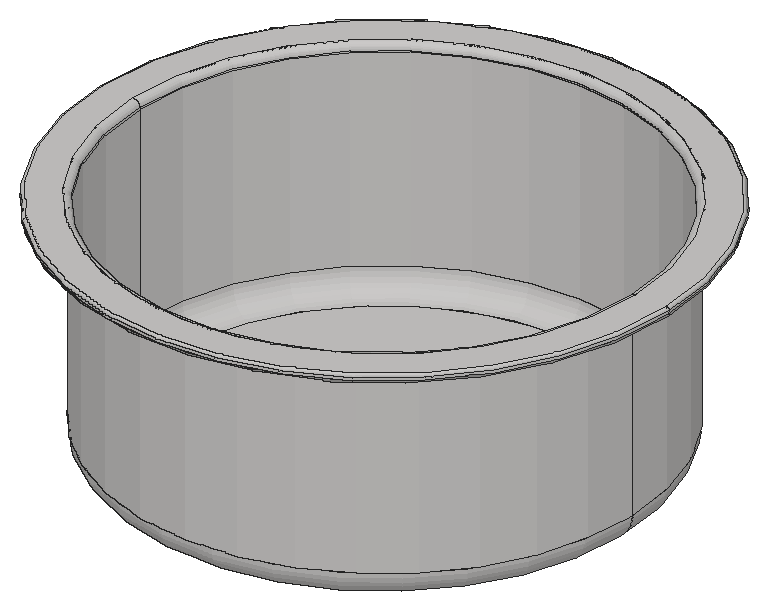
Revit family
Parameters (values of type "Ø 430 X Ø 370")
  Waste Connection Diameter = 90 mm
  Outer Radius Of Bowl = Outer Diameter Of Bowl / 2  # 215 mm
  Inner Radius Of Bowl = Inner Diameter Of Bowl / 2  # 185 mm
  Inner Diameter Of Bowl = 370 mm
  Waste Connection Radius = Waste Connection Diameter / 2  # 45 mm
  Waste Connection = 1 = 1  # yes
  WFU = 0
  Vent Connection = 1 = 0  # no
  URL = "http://www.autospec.co.za/browse.php?id=1937217986"
  Product Code = "SPB-STD"
  OmniClass Title = ""
  OmniClass Number = ""
  Modspec Classification = ""
  Specification = ""
  Material = Stainless Steel Grade 304
  Location (revit room) = ""
  Outer Diameter Of Bowl = 430 mm
  HW Connection = 1 = 0  # no
  Description = ""
  Depth Of Bowl = 170 mm
  Colour = none
  CW Connection = 1 = 0  # no
  Body Finish = none
  Model = "Drop-In Preparation Single Bowl SPB-STD"
  Manufacturer = "Kwikot"  # constant formula
  Assembly Code = "D2010410"
Reference planes
  plane 1 "Center (Front/Back)": y = 0
  plane 2 "Bottom": z = 0
  plane 3 "Center (Left/Right)": x = 0
  plane 4 "Top": z = 170
  plane 5: x = 215
  plane 6: x = -215
  plane 7: x = 185
  plane 8: x = -185
Forms (mm)
  Extrusion 1, solid, material "Stainless Steel Grade 304" <- "Material"
    sketch origin (-330.571, -1524, 170) x (-1, 0, 0) y (0, -1, 0)
      loop
        circle (-330.571, -1524) r 215
      loop
        circle (-330.571, -1524) r 185
    from 0 to -6
  Sweep 2, solid, material "Stainless Steel Grade 304" <- "Material"
    path origin (-330.571, -1524, 170) x (-1, 0, 0) y (0, -1, 0)
      loop
        circle (-330.571, -1524) r 185
    profile origin (0, -185, 170) x (0, -1, 0) y (0, 0, 1)
      loop
        line (0, -6) -> (0, -150.5)
        arc (0, -150.5) -> (-5.126, -162.874) -> (-17.5, -168) r 17.5
        line (-17.5, -168) -> (-140, -168) -> (-140, -170) -> (-17.5, -170)
        arc (-17.5, -170) -> (-3.358, -164.142) -> (2.5, -150) r 20
        line (2.5, -150) -> (2.5, -6) -> (0, -6)
  Blend 3, solid, material "Stainless Steel Grade 304" <- "Material"
    base sketch origin (0, 0, 0) x (1, 0, 0) y (0, 1, 0)
      loop
        circle (0, 0) r 45
    top sketch origin (0, 0, 0) x (1, 0, 0) y (0, 1, 0)
      loop
        circle (0, 0) r 25
    from 0 to -10
  Sweep 4, void
    path origin (-330.571, -1524, 170) x (-1, 0, 0) y (0, -1, 0)
      loop
        circle (-330.571, -1524) r 215
    profile origin (0, 215, 170) x (0, -1, 0) y (0, 0, 1)
      loop
        line (0, -6) -> (2, -6)
        arc (2, -6) -> (0.586, -5.414) -> (0, -4) r 2
        line (0, -4) -> (0, -6)
  Sweep 5, void
    path origin (-330.571, -1524, 170) x (-1, 0, 0) y (0, -1, 0)
      loop
        circle (-330.571, -1524) r 215
    profile origin (0, 215, 170) x (0, -1, 0) y (0, 0, 1)
      loop
        line (0, 0) -> (0, -2)
        arc (0, -2) -> (0.586, -0.586) -> (2, 0) r 2
        line (2, 0) -> (0, 0)
  Sweep 6, void
    path origin (-330.571, -1524, 170) x (-1, 0, 0) y (0, -1, 0)
      loop
        circle (-330.571, -1524) r 185
    profile origin (0, 185, 170) x (0, 1, 0) y (0, 0, 1)
      loop
        line (0, 0) -> (0, -5)
        arc (0, -5) -> (1.464, -1.464) -> (5, 0) r 5
        line (5, 0) -> (0, 0)
Cuts and joins
  Sweep 4, Sweep 5, Sweep 6 cuts Extrusion 1
  Sweep 4, Sweep 5, Sweep 6 cuts Sweep 2
  Sweep 4, Sweep 5, Sweep 6 cuts Blend 3
  joined: Extrusion 1, Sweep 2, Blend 3
Lines and regions (mm)
  symbolic lines
    curve 1: arc (-185, 0, 170) -> (0, 185, 170) -> (185, 0, 170) r 185
    curve 2: arc (185, 0, 170) -> (0, -185, 170) -> (-185, 0, 170) r 185
    curve 3: arc (215, 0, 170) -> (0, 215, 170) -> (-215, 0, 170) r 215
    curve 4: arc (-215, 0, 170) -> (0, -215, 170) -> (215, 0, 170) r 215
    curve 5: arc (45, 0, 170) -> (0, -45, 170) -> (-45, 0, 170) r 45
    curve 6: arc (-45, 0, 170) -> (0, 45, 170) -> (45, 0, 170) r 45
Dimensions and locks
  "Depth Of Bowl": plane 4 "Top" to plane 2 "Bottom"
  "Waste Connection Radius": plane 1 "Center (Front/Back)" to Sweep 2 sketch curve
  "Outer Diameter Of Bowl": plane 6 to plane 5
  equal spacing: plane 6, plane 3 "Center (Left/Right)", plane 5
  "Inner Diameter Of Bowl": plane 8 to plane 7
  equal spacing: plane 8, plane 3 "Center (Left/Right)", plane 7
  "Outer Radius Of Bowl": radius of Extrusion 1 sketch curve
  "Inner Radius Of Bowl": radius of Extrusion 1 sketch curve
  radius of Blend 3 sketch curve = 25 mm
  aligned and locked: level to plane 2 "Bottom"
  aligned and locked: plane 1 "Center (Front/Back)" to Extrusion 1 sketch curve  (x2)
  aligned and locked: plane 3 "Center (Left/Right)" to Extrusion 1 sketch curve  (x2)
  aligned and locked: Sweep 2 sketch curve to Extrusion 1  (x2)
  aligned and locked: Sweep 2 sketch curve to profile plane
  aligned and locked: level to Sweep 2 sketch curve
  aligned and locked: Extrusion 1 to Sweep 2 sketch curve
  aligned and locked: Blend 3 sketch curve to cut or joined group of Extrusion 1, Sweep 2, Blend 3, Sweep 4, Sweep 5, Sweep 6  (x2)
  aligned and locked: plane 3 "Center (Left/Right)" to Blend 3 sketch curve
  aligned and locked: plane 1 "Center (Front/Back)" to Blend 3 sketch curve
  aligned and locked: Sweep 4 sketch curve to cut or joined group of Extrusion 1, Sweep 2, Blend 3, Sweep 4, Sweep 5, Sweep 6  (x3)
  aligned and locked: profile plane to Sweep 4 sketch curve
  aligned and locked: curve 1 to cut or joined group of Extrusion 1, Sweep 2, Blend 3, Sweep 4, Sweep 5, Sweep 6
  aligned and locked: curve 2 to cut or joined group of Extrusion 1, Sweep 2, Blend 3, Sweep 4, Sweep 5, Sweep 6
  aligned and locked: curve 3 to cut or joined group of Extrusion 1, Sweep 2, Blend 3, Sweep 4, Sweep 5, Sweep 6
  aligned and locked: curve 4 to cut or joined group of Extrusion 1, Sweep 2, Blend 3, Sweep 4, Sweep 5, Sweep 6
  aligned and locked: curve 5 to cut or joined group of Extrusion 1, Sweep 2, Blend 3, Sweep 4, Sweep 5, Sweep 6
  aligned and locked: curve 6 to cut or joined group of Extrusion 1, Sweep 2, Blend 3, Sweep 4, Sweep 5, Sweep 6
  aligned and locked: Sweep 5 sketch curve to cut or joined group of Extrusion 1, Sweep 2, Blend 3, Sweep 4, Sweep 5, Sweep 6  (x2)
  aligned and locked: profile plane to Sweep 5 sketch curve
  aligned and locked: cut or joined group of Extrusion 1, Sweep 2, Blend 3, Sweep 4, Sweep 5, Sweep 6 to Sweep 5 sketch curve
  aligned and locked: Sweep 6 sketch curve to cut or joined group of Extrusion 1, Sweep 2, Blend 3, Sweep 4, Sweep 5, Sweep 6  (x2)
  aligned and locked: profile plane to Sweep 6 sketch curve  (x2)
Automatic sketch dimensions
  Sweep 2 sketch curve to Sweep 2 sketch curve = 0 mm
  Sweep 2 sketch curve to Sweep 2 sketch curve = 0.5 mm
  profile plane to Sweep 2 sketch curve = 17.5 mm
  Sweep 2 sketch curve to profile plane = 2.5 mm
  Sweep 4 sketch curve to profile plane = 2 mm
  Sweep 4 sketch curve to Sweep 4 sketch curve = 2 mm
  Sweep 4 sketch curve to plane 4 "Top" = 4 mm
  Sweep 4 sketch curve to Sweep 4 sketch curve = 0 mm
  Sweep 4 sketch curve to profile plane = 0 mm
  Sweep 5 sketch curve to plane 4 "Top" = 2 mm
  Sweep 5 sketch curve to Sweep 5 sketch curve = 2 mm
  Sweep 5 sketch curve to Sweep 5 sketch curve = 0 mm
  Sweep 5 sketch curve to plane 4 "Top" = 0 mm
  Sweep 5 sketch curve to profile plane = 0 mm
  Sweep 6 sketch curve to plane 4 "Top" = 5 mm
  Sweep 6 sketch curve to Sweep 6 sketch curve = 0 mm  (x2)
  Sweep 6 sketch curve to plane 4 "Top" = 0 mm
  Sweep 6 sketch curve to profile plane = 0 mm
Connectors
  piping at (0, 0, 0), driven by "Waste Connection Radius", driven by "WFU"
    settings: on cut or joined group of Extrusion 1, Sweep 2, Blend 3, Sweep 4, Sweep 5, Sweep 6, index 1, connector radius 45 mm, flow factor 0, pipe flow 0.0 L/s, pressure drop 0.0 Pa, fitting loss kfactor 0, connector angle 0.00°, fixture units 0, flow configuration 3, flow direction 2, fitting loss method 4, system type 16, connector reference index -1, connector utility 0, adjustable connector no, is connector primary yes, fitting loss table "", connector description "Waste Connection"
